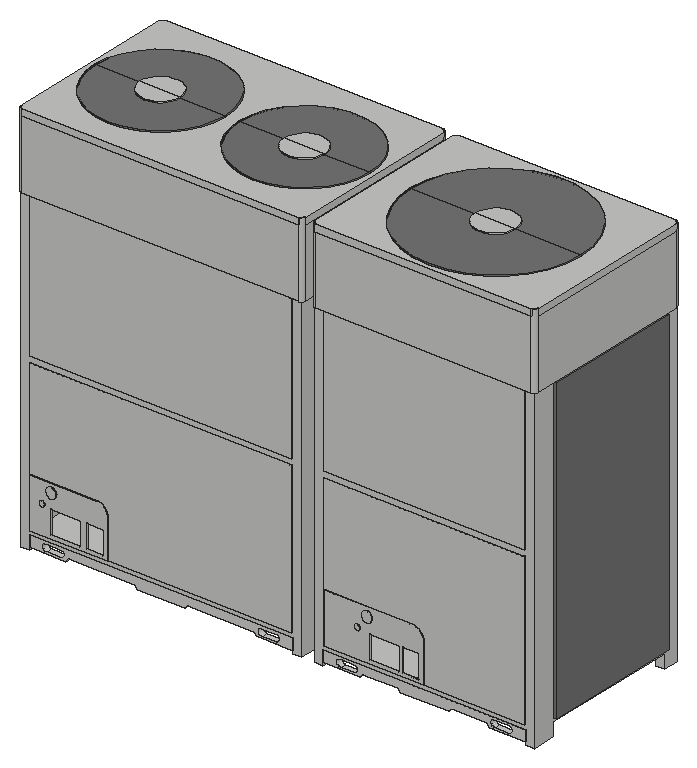
Revit family "Heat_Pump-Split_System-Outdoor-JCI-Twin_Unit-18-30 _ton-Heat_Recovery", category Mechanical Equipment, Revit 2014
Parameters (values of type "208v - 18 ton Cooling Capacity")
  Width = 30 1/2"
  Voltage = 208 V
  Visibility 2 = Total Cooling Capacity > 46356.7 VA  # no
  Visibility 1 = Total Cooling Capacity > 21101.1 VA  # no
  Unit Separation [instance] = 13/16"
  URL = "www.johnsoncontrols.com"
  Type Comments = "208v - 18 ton Cooling Capacity"
  Total Heating Capacity = 96000.0 Btu/h
  Total Cooling Capacity = 72000.0 Btu/h
  Shroud Radius = Shroud Diameter / 2  # 14 3/8"
  Shroud Diameter = if(and(Total Cooling Capacity < 48356.7 VA, Total Cooling Capacity > 21101.1 VA), 22", 28 3/4")  # 28 3/4"
  Refrigerant Used = "R410A"
  Product Page URL = ""
  Product Name = "(H,Y)VAHR216B32S"
  Product Documentation Link = ""
  Power Factor = 0.8
  Pipe Material = Metal - JCI - Brass SU
  Phase = 3
  Panel 2 Width = 15 9/32"  # constant formula
  Operating Weight = 516.00 lbf
  Offset = 0"
  Number of Poles = 2
  Model = Product Name  # "(H,Y)VAHR216B32S"
  Main Unit Model = "(H,Y)VAHR144B32S"
  Main Maximum Overcurrent Protection = 40 A
  Main Minimum Circuit Current = 29 A
  Manufacturer = "Johnson Controls Incorporated"
  Load Classification = HVAC
  Length 9 [instance] = if(Clearance Zones, Clearance Top, 0")  # 0"
  Length 8 [instance] = if(Clearance Zones, Clearance Back, 0")  # 0"
  Length 7 [instance] = if(Clearance Zones, Clearance Front, 0")  # 0"
  Length 6 [instance] = if(Clearance Zones, Clearance Right, 0")  # 0"
  Length 5 [instance] = if(Clearance Zones, Clearance Left, 0")  # 0"
  Length 4 = Height - 1"  # 65 1/4"
  Length 3 = 5/32"
  Length 2 = 0.063"
  Length 1 = 11/16"
  Length [instance] = Main Unit Length + Unit Separation + Sub Unit Length  # 87 13/16"
  Main Unit KO Power X Offset 3 = 10 15/16"
  Main Unit KO Power X Offset 2 = 8 3/8"
  Main Unit KO Power X Offset 1 = 5 3/16"
  Main Unit KO Controls X Offset = 3 5/8"
  KO Controls Radius = KO Controls Diameter / 2  # 7/16"
  KO Controls Diameter = 7/8"
  Main Unit KO Power X Offset Label [instance] = if(Main Unit Knockout Power 1, Main Unit KO Power X Offset 1, if(Main Unit Knockout Power 2, Main Unit KO Power X Offset 2, if(Main Unit Knockout Power 3, Main Unit KO Power X Offset 3, 0")))  # 5 3/16"
  Main Unit KO Power Radius [instance] = Main Unit KO Power Diameter / 2  # 7/8"
  Main Unit KO Power Diameter [instance] = if(Main Unit Knockout Power 1, 1 3/4", if(Main Unit Knockout Power 2, 1 3/8", 7/8"))  # 1 3/4"
  Main Unit Length = 48 5/8"
  Main Unit = Heat_Pump-Split_System-Outdoor-JCI-Single_Unit-6-16 _ton-Heat_Recovery to be nested : 12 ton Cooling Capacity
  Main Unit Knockout Power 3 [instance] = no
  Main Unit Knockout Power 2 [instance] = no
  Main Unit Knockout Power 1 [instance] = yes
  Length 11 [instance] = if(Main Unit Knockout Bottom, 9 13/16", 9 15/16")  # 9 15/16"
  Main Unit Knockout Front [instance] = yes
  Main Unit Knockout Bottom [instance] = not(Main Unit Knockout Front)  # no
  Height = 66 1/4"
  Grille Material = Metal - JCI - Grille Square SU
  Frequency = 60 Hz
  Sub Unit Model = "(H,Y)VAHR072B32S"
  Sub Unit KO Controls X Offset = 7 5/16"
  Sub Unit DX Suction Gas Radius = Sub Unit DX Suction Gas Diameter / 2  # 3/8"
  Sub Unit Length = 38 3/8"
  Sub Unit Knockout Power 3 [instance] = no
  Sub Unit Knockout Power 2 [instance] = no
  Sub Unit Knockout Power 1 [instance] = yes
  Sub Unit Knockout Front [instance] = yes
  Sub Unit Knockout Bottom [instance] = not(Sub Unit Knockout Front)  # no
  Sub Unit KO Power X Offset Label [instance] = if(Sub Unit Knockout Power 1, Sub Unit KO Power X Offset 1, if(Sub Unit Knockout Power 2, Sub Unit KO Power X Offset 2, if(Sub Unit Knockout Power 3, Sub Unit KO Power X Offset 3, 0")))  # 8 7/8"
  Sub Unit KO Power X Offset 3 = 14 9/16"
  Sub Unit KO Power X Offset 2 = 12"
  Sub Unit KO Power X Offset 1 = 8 7/8"
  Sub Unit KO Power Radius [instance] = Sub Unit KO Power Diameter / 2  # 7/8"
  Sub Unit KO Power Diameter [instance] = if(Sub Unit Knockout Power 1, 1 3/4", if(Sub Unit Knockout Power 2, 1 3/8", 7/8"))  # 1 3/4"
  Sub Unit DX Suction Gas X Offset = 13 1/16"
  Sub Unit DX Suction Gas Diameter = 3/4"
  Sub Unit DX Liquid X Offset = 10 3/8"
  Sub Unit DX Liquid Radius = Sub Unit DX Liquid Diameter / 2  # 1/4"
  Sub Unit DX Liquid Diameter = 1/2"
  Sub Unit DX Discharge Gas Radius = Sub Unit DX Discharge Gas Diameter / 2  # 7/16"
  Sub Unit DX Discharge Gas Diameter = 7/8"
  Sub Unit DX Discharge Gas X Offset = 16 5/16"
  Sub Unit = Heat_Pump-Split_System-Outdoor-JCI-Single_Unit-6-16 _ton-Heat_Recovery to be nested : 6 ton Cooling Capacity
  Sub Minimum Circuit Current = 29 A
  Sub Maximum Overcurrent Protection = 40 A
  Description = "Outdoor Unit Variable Refrigerant Flow with Heat Recovery"
  Main Unit DX Suction Gas X Offset = 13 1/16"
  Main Unit DX Suction Gas Radius = Main Unit DX Suction Gas Diameter / 2  # 3/8"
  Main Unit DX Suction Gas Diameter = 3/4"
  DX Liquid Z Offset = 10 11/32"
  DX Liquid Y Offset = 5 3/16"
  Main Unit DX Liquid X Offset = 7 3/8"
  Main Unit DX Liquid Radius = Main Unit DX Liquid Diameter / 2  # 1/4"
  Main Unit DX Liquid Diameter = 1/2"
  DX Gas Z Offset = 6 25/32"
  DX Gas Y Offset = 5 31/32"
  Main Unit DX Discharge Gas X Offset = 16 5/16"
  Main Unit DX Discharge Gas Radius = Main Unit DX Discharge Gas Diameter / 2  # 7/16"
  Main Unit DX Discharge Gas Diameter = 7/8"
  Copyright © = "Copyright © 2001-2017 Johnson Controls"  # constant formula
  Clearance Zones [instance] = no
  Clearance Top = 59 1/2"
  Clearance Right = 7 7/8"
  Clearance Material = Clearance Zones
  Clearance Left = 7 7/8"
  Clearance Front = 19 11/16"
  Clearance Back = 11 13/16"
  Body Material = Paint - JCI - Silky Shade SU
  Body Inset = 5/16"
  Base Material = Metal - JCI - Base Steel SU
  Assembly Code = "D3030200"
  Apparent Load 2 = Voltage * Sub Minimum Circuit Current / Power Factor  # 7540 VA
  Apparent Load 1 = Voltage * Main Minimum Circuit Current / Power Factor  # 7540 VA
Reference planes (in)
  plane 1 "Center (Front/Back)": y = 0
  plane 2: z = 0
  plane 3 "Center (Left/Right)": x = 0
  plane 4 "Left": x = -43.90625
  plane 5 "Right": x = 43.90625
  plane 6 "Back": y = 15.25
  plane 7 "Front": y = -15.25
  plane 8 "lid left": x = -43.59375
  plane 9 "Bottom": z = 0
  plane 10 "Top": z = 66.25
  plane 11 "body 1 left": x = -43.28125
  plane 12 "panel front": y = -15.0005
  plane 13 "fan top": z = 66.5
  plane 14 "clearance back": y = 15.25
  plane 15 "clearance front": y = -15.25
  plane 16 "clearance left": x = -43.90625
  plane 17 "clearance right": x = 43.90625
  plane 18 "clearance top": z = 66.25
  plane 19: y = 0.05208
  plane 20 "dx liquid x cl": x = -35.90625
  plane 21 "dx gas suction x cl": x = -30.21875
  plane 22 "dx gas discharge x cl": x = -26.96875
  plane 23 "dx liquid y cl": y = -10.0625
  plane 24 "dx gas y cl": y = -9.28125
  plane 25 "dx gas z bottom": z = 6.78125
  plane 26 "dx liquid z bottom": z = 10.34375
  plane 27 "front dummy": y = -15.25
  plane 28 "header right": x = 4.71875
  plane 29 "follower left": x = 5.53125
  plane 30 "lid 2 left": x = 5.84375
  plane 31 "body 2 left": x = 6.15625
  plane 32: x = 16.53125
  plane 33: x = 19.21875
  plane 34: x = 22.46875
Forms (in)
  Extrusion 1, solid, material "Clearance Zones" <- "Clearance Material", visible <- "Clearance Zones"
    sketch origin (0, 0, 0) x (-1, 0, 0) y (0, -1, 0)
      loop
        line (43.90625, -15.25) -> (43.90625, 15.25) -> (-43.90625, 15.25) -> (-43.90625, -15.25) -> (43.90625, -15.25)
    from 0 to 66.25
  Extrusion 2, solid, material "Metal - JCI - Brass SU" <- "Pipe Material", detail levels medium+fine
    sketch origin (-60.79778, -180, 6.78125) x (-1, 0, 0) y (0, -1, 0)
      loop
        circle (-30.57903, -170.71875) r 0.375
      loop
        circle (-33.82903, -170.71875) r 0.4375
      loop
        circle (-80.01653, -170.71875) r 0.375
      loop
        circle (-83.26653, -170.71875) r 0.4375
    from 0 to 4.71625
  Extrusion 3, solid, material "Metal - JCI - Brass SU" <- "Pipe Material", detail levels medium+fine
    sketch origin (-60.79778, -180, 10.34375) x (-1, 0, 0) y (0, -1, 0)
      loop
        circle (-24.89153, -169.9375) r 0.25
      loop
        circle (-77.32903, -169.9375) r 0.25
    from 1.15375 to 0
  Extrusion 4, solid, material "Paint - JCI - Silky Shade SU" <- "Body Material", detail levels medium+fine
    sketch origin (-38.06929, -15.0005, 48) x (-1, 0, 0) y (0, 0, 1)
      loop
        circle (1.58696, -40.1875) r 0.4375
      loop
        circle (0.02446, -38.0625) r 0.875
      loop
        circle (-51.53804, -40.1875) r 0.4375
      loop
        circle (-53.10054, -38.0625) r 0.875
    from 0 to 1
Lines and regions (in)
  Masking region 1, detail levels coarse
    outline origin (0, 0, 0) x (1, 0, 0) y (0, 0, 1)
      loop
        line (-43.90625, 66.5) -> (-43.90625, 0) -> (43.90625, 0) -> (43.90625, 66.5) -> (-43.90625, 66.5)
  symbolic lines, style "Clearance Zones", visible <- "Clearance Zones"
    curve 1: line (-43.90625, 15.25, 53.62) -> (43.90625, 15.25, 53.62)
    curve 2: line (-43.90625, -15.25, 53.62) -> (-43.90625, 15.25, 53.62)
    curve 3: line (43.90625, -15.25, 53.62) -> (-43.90625, -15.25, 53.62)
    curve 4: line (43.90625, 15.25, 53.62) -> (43.90625, -15.25, 53.62)
    curve 5: line (-43.90625, 0, 66.25) -> (43.90625, 0, 66.25)
    curve 6: line (-43.90625, 0, 0) -> (-43.90625, 0, 66.25)
    curve 7: line (43.90625, 0, 0) -> (-43.90625, 0, 0)
    curve 8: line (43.90625, 0, 66.25) -> (43.90625, 0, 0)
    curve 9: line (0, 15.25, 0) -> (0, 15.25, 66.25)
    curve 10: line (0, -15.25, 0) -> (0, 15.25, 0)
    curve 11: line (0, -15.25, 66.25) -> (0, -15.25, 0)
Dimensions and locks (in)
  equal spacing: plane 4 "Left", plane 3 "Center (Left/Right)", plane 5 "Right"
  "Length": plane 4 "Left" to plane 5 "Right"
  equal spacing: plane 6 "Back", plane 1 "Center (Front/Back)", plane 7 "Front"
  "Width": plane 6 "Back" to plane 7 "Front"
  locked: plane 4 "Left" to plane 8 "lid left" at 0.3125
  "Height": plane 10 "Top" to plane 9 "Bottom"
  "Offset": plane 9 "Bottom" to level
  "Body Inset": plane 8 "lid left" to plane 11 "body 1 left"
  locked: plane 13 "fan top" to plane 10 "Top" at 0.25
  "Length 5": plane 16 "clearance left" to plane 4 "Left"
  "Length 6": plane 5 "Right" to plane 17 "clearance right"
  "Length 8": plane 14 "clearance back" to plane 6 "Back"
  "Length 7": plane 27 "front dummy" to plane 15 "clearance front"
  "Length 9": plane 18 "clearance top" to plane 10 "Top"
  "Main Unit DX Liquid X Offset": plane 11 "body 1 left" to plane 20 "dx liquid x cl"
  "Main Unit DX Suction Gas X Offset": plane 11 "body 1 left" to plane 21 "dx gas suction x cl"
  "Main Unit DX Discharge Gas X Offset": plane 11 "body 1 left" to plane 22 "dx gas discharge x cl"
  "DX Liquid Y Offset": plane 23 "dx liquid y cl" to plane 7 "Front"
  "DX Gas Y Offset": plane 24 "dx gas y cl" to plane 7 "Front"
  "DX Gas Z Offset": plane 25 "dx gas z bottom" to plane 9 "Bottom"
  "DX Liquid Z Offset": plane 26 "dx liquid z bottom" to plane 9 "Bottom"
  "Main Unit KO Controls X Offset": Extrusion 4 sketch curve to plane 11 "body 1 left"
  locked: Extrusion 4 sketch curve to plane 9 "Bottom" at 7.8125  (x2)
  locked: Extrusion 4 sketch curve to plane 9 "Bottom" at 9.9375  (x2)
  "Main Unit KO Power X Offset Label": Extrusion 4 sketch curve to plane 11 "body 1 left"
  "Main Unit Length": plane 4 "Left" to plane 28 "header right"
  "Unit Separation": plane 28 "header right" to plane 29 "follower left"
  "Body Inset": plane 30 "lid 2 left" to plane 31 "body 2 left"
  locked: plane 29 "follower left" to plane 30 "lid 2 left" at 0.3125
  "Sub Unit DX Liquid X Offset": plane 31 "body 2 left" to plane 32
  "Sub Unit DX Suction Gas X Offset": plane 31 "body 2 left" to plane 33
  "Sub Unit DX Discharge Gas X Offset": plane 31 "body 2 left" to plane 34
  "Sub Unit KO Power X Offset Label": Extrusion 4 sketch curve to plane 31 "body 2 left"
  "Sub Unit KO Controls X Offset": Extrusion 4 sketch curve to plane 31 "body 2 left"
  "Main Unit DX Discharge Gas Radius": radius of Extrusion 2 sketch curve
  "Main Unit DX Suction Gas Radius": radius of Extrusion 2 sketch curve
  "Main Unit DX Liquid Radius": radius of Extrusion 3 sketch curve
  "KO Controls Radius": radius of Extrusion 4 sketch curve  (x2)
  "Main Unit KO Power Radius": radius of Extrusion 4 sketch curve
  "Sub Unit DX Discharge Gas Radius": radius of Extrusion 2 sketch curve
  "Sub Unit DX Suction Gas Radius": radius of Extrusion 2 sketch curve
  "Sub Unit DX Liquid Radius": radius of Extrusion 3 sketch curve
  "Sub Unit KO Power Radius": radius of Extrusion 4 sketch curve
  aligned and locked: level to plane 2
  aligned and locked: Extrusion 1 sketch curve to plane 14 "clearance back"
  aligned and locked: plane 16 "clearance left" to Extrusion 1 sketch curve
  aligned and locked: plane 15 "clearance front" to Extrusion 1 sketch curve
  aligned and locked: Extrusion 1 sketch curve to plane 17 "clearance right"
  aligned and locked: curve 4 to plane 17 "clearance right"
  aligned and locked: plane 16 "clearance left" to curve 2
  aligned and locked: plane 15 "clearance front" to curve 3
  aligned and locked: curve 1 to plane 14 "clearance back"
  aligned and locked: plane 18 "clearance top" to Extrusion 1
  aligned and locked: Extrusion 1 to plane 9 "Bottom"
  aligned and locked: plane 16 "clearance left" to curve 6
  aligned and locked: curve 8 to plane 17 "clearance right"
  aligned and locked: curve 5 to plane 18 "clearance top"
  aligned and locked: plane 9 "Bottom" to curve 7
  aligned and locked: curve 9 to plane 14 "clearance back"
  aligned and locked: plane 15 "clearance front" to curve 11
  aligned and locked: plane 9 "Bottom" to curve 10
  aligned and locked: Masking region 1 sketch curve to plane 13 "fan top"
  aligned and locked: plane 4 "Left" to Masking region 1 sketch curve
  aligned and locked: Masking region 1 sketch curve to plane 5 "Right"
  aligned and locked: plane 9 "Bottom" to Masking region 1 sketch curve
  aligned and locked: Extrusion 2 sketch curve to plane 24 "dx gas y cl"  (x4)
  aligned and locked: plane 21 "dx gas suction x cl" to Extrusion 2 sketch curve
  aligned and locked: plane 22 "dx gas discharge x cl" to Extrusion 2 sketch curve
  aligned and locked: Extrusion 2 to plane 25 "dx gas z bottom"
  aligned and locked: Extrusion 3 sketch curve to plane 23 "dx liquid y cl"  (x2)
  aligned and locked: plane 20 "dx liquid x cl" to Extrusion 3 sketch curve
  aligned and locked: Extrusion 3 to plane 26 "dx liquid z bottom"
  aligned and locked: plane 27 "front dummy" to plane 7 "Front"
  aligned and locked: plane 1 "Center (Front/Back)" to nested 1
  aligned and locked: plane 4 "Left" to nested 1
  aligned and locked: nested 2 to plane 29 "follower left"
  aligned and locked: plane 1 "Center (Front/Back)" to nested 2
  aligned and locked: plane 34 to Extrusion 2 sketch curve
  aligned and locked: plane 33 to Extrusion 2 sketch curve
  aligned and locked: plane 32 to Extrusion 3 sketch curve
  aligned and locked: plane 25 "dx gas z bottom" to Extrusion 2
Automatic sketch dimensions
  curve 11 to plane 10 "Top" = 0"
  curve 9 to plane 10 "Top" = 0"
Nested families (in)
  nested 1: "Heat_Pump-Split_System-Outdoor-JCI-Single_Unit-6-16 _ton-Heat_Recovery to be nested" at (-19.59375, 0, 0), type <- "Main Unit", Knockout Power 3 <- "Main Unit Knockout Power 3", Knockout Power 2 <- "Main Unit Knockout Power 2", Knockout Power 1 <- "Main Unit Knockout Power 1", Knockout Front <- "Main Unit Knockout Front", type "12 ton Cooling Capacity"
    with Length 14 14 3/4", Length 13 3", Length 12 1/4", Length 11 9 15/16", Length 10 1 31/32", Knockout Power 3 no, Knockout Power 2 no, Knockout Power 1 yes, Knockout Front yes, Knockout Bottom no, KO Z Offset 5 9/16", KO Y Offset 0", KO Power X Offset 5 3/16", KO Power Radius 7/8", KO Power Diameter 1 3/4", KO Height 3 15/16", Fan 2 X Offset 12 5/32", Fan 1 X Offset 12 5/32", Clearance Zones yes, Angle 2 90.00°, Angle 1 90.00°, Visibility 1 yes, Total Cooling Capacity 144000.0 Btu/h, Shroud Radius 11", Shroud Diameter 22", Operating Weight 723.00 lbf, Length 48 5/8", KO Power X Offset 3 10 15/16", KO Power X Offset 2 8 3/8", KO Power X Offset 1 5 3/16", KO Controls X Offset 3 5/8", KO 2 X Offset 11 1/4", KO 1 X Offset 5 3/16"
  nested 2: "Heat_Pump-Split_System-Outdoor-JCI-Single_Unit-6-16 _ton-Heat_Recovery to be nested" at (24.71875, 0, 0), type <- "Sub Unit", Knockout Power 3 <- "Sub Unit Knockout Power 3", Knockout Power 2 <- "Sub Unit Knockout Power 2", Knockout Power 1 <- "Sub Unit Knockout Power 1", Knockout Front <- "Sub Unit Knockout Front", type "6 ton Cooling Capacity"
    with Length 14 18 7/16", Length 13 3", Length 12 1/4", Length 11 9 15/16", Length 10 1 31/32", Knockout Power 3 no, Knockout Power 2 no, Knockout Power 1 yes, Knockout Front yes, Knockout Bottom no, KO Z Offset 5 9/16", KO Y Offset 0", KO Power X Offset 8 7/8", KO Power Radius 7/8", KO Power Diameter 1 3/4", KO Height 3 15/16", Fan 2 X Offset 38 3/8", Fan 1 X Offset 0", Clearance Zones no, Angle 2 90.00°, Angle 1 90.00°
Connectors (in)
  piping at (-35.90625, -10.0625, 10.34375), diameter 0.5, driven by "Main Unit DX Liquid Diameter"
    settings: on Extrusion 3, index 1, connector inside diameter 24", connector length 0", flow factor 0, pipe flow 0 GPM, pressure drop 0.00 psi, fitting loss kfactor 0, connector angle 0.00°, fixture units 0, engagement length 0", angle of deflection 0.00°, flow configuration 0, flow direction 0, fitting loss method 0, system type 22, joint type 0, gender type 0, connector reference index -1, connector utility 0, adjustable connector no, is connector primary yes, connector description "Main Unit Refrigerant Liquid"
  piping at (-30.21875, -9.28125, 6.78125), diameter 0.75, driven by "Main Unit DX Suction Gas Diameter"
    settings: on Extrusion 2, index 2, connector inside diameter 24", connector length 0", flow factor 0, pipe flow 0 GPM, pressure drop 0.00 psi, fitting loss kfactor 0, connector angle 0.00°, fixture units 0, engagement length 0", angle of deflection 0.00°, flow configuration 0, flow direction 0, fitting loss method 0, system type 22, joint type 0, gender type 0, connector reference index -1, connector utility 0, adjustable connector no, is connector primary no, connector description "Main Unit Refrigerant Gas Suction"
  electrical at (-39.65625, -15.0005, 7.8125)
    settings: on Extrusion 4, index 6, voltage 0 V, apparent load 0 VA, apparent load phase1 0 VA, apparent load phase2 0 VA, apparent load phase3 0 VA, power factor 1, load classification "Other", number of poles 1, system type 13, power factor state 1, is connector primary yes, connector utility no, sub classification motor no, connector description "Main Unit Controls"
  cabletrayconduit at (-39.65625, -15.0005, 7.8125), diameter 0.875, driven by "KO Controls Diameter"
    settings: on Extrusion 4, index 7, connector width 12", connector height 12", connector angle 0.00°, system type 32, placement type 0, profile type 0, connector reference index -1, is primary connector yes, connector utility param no, connector description "Main Unit Controls Conduit"
  electrical at (-38.09375, -15.0005, 9.9375), driven by "Number of Poles", driven by "Load Classification", driven by "Voltage", driven by "Apparent Load 1", driven by "Power Factor"
    settings: on Extrusion 4, index 8, voltage 208 V, apparent load 7540 VA, apparent load phase1 0 VA, apparent load phase2 0 VA, apparent load phase3 0 VA, power factor 0.8, load classification "HVAC", number of poles 2, system type 30, power factor state 1, is connector primary no, connector utility no, sub classification motor no, connector description "Main Unit Power"
  cabletrayconduit at (-38.09375, -15.0005, 9.9375), diameter 1.75, driven by "Main Unit KO Power Diameter"
    settings: on Extrusion 4, index 9, connector width 12", connector height 12", connector angle 0.00°, system type 32, placement type 0, profile type 0, connector reference index -1, is primary connector no, connector utility param no, connector description "Main Unit Power Conduit"
  piping at (-26.96875, -9.28125, 6.78125), diameter 0.875, driven by "Main Unit DX Discharge Gas Diameter"
    settings: on Extrusion 2, index 10, connector inside diameter 24", connector length 0", flow factor 0, pipe flow 0 GPM, pressure drop 0.00 psi, fitting loss kfactor 0, connector angle 0.00°, fixture units 0, engagement length 0", angle of deflection 0.00°, flow configuration 0, flow direction 0, fitting loss method 0, system type 22, joint type 0, gender type 0, connector reference index -1, connector utility 0, adjustable connector no, is connector primary no, connector description "Main Unit Refrigerant Gas Discharge"
  electrical at (13.46875, -15.0005, 7.8125)
    settings: on Extrusion 4, index 11, voltage 0 V, apparent load 0 VA, apparent load phase1 0 VA, apparent load phase2 0 VA, apparent load phase3 0 VA, power factor 1, load classification "Other", number of poles 1, system type 13, power factor state 1, is connector primary no, connector utility no, sub classification motor no, connector description "Sub Unit Controls"
  electrical at (15.03125, -15.0005, 9.9375), driven by "Number of Poles", driven by "Load Classification", driven by "Voltage", driven by "Power Factor", driven by "Apparent Load 2"
    settings: on Extrusion 4, index 12, voltage 208 V, apparent load 7540 VA, apparent load phase1 0 VA, apparent load phase2 0 VA, apparent load phase3 0 VA, power factor 0.8, load classification "HVAC", number of poles 2, system type 30, power factor state 1, is connector primary no, connector utility no, sub classification motor no, connector description "Sub Unit Power"
  cabletrayconduit at (13.46875, -15.0005, 7.8125), diameter 0.875, driven by "KO Controls Diameter"
    settings: on Extrusion 4, index 13, connector width 12", connector height 12", connector angle 0.00°, system type 32, placement type 0, profile type 0, connector reference index -1, is primary connector no, connector utility param no, connector description "Sub Unit Controls Conduit"
  cabletrayconduit at (15.03125, -15.0005, 9.9375), diameter 1.75, driven by "Sub Unit KO Power Diameter"
    settings: on Extrusion 4, index 14, connector width 12", connector height 12", connector angle 0.00°, system type 32, placement type 0, profile type 0, connector reference index -1, is primary connector no, connector utility param no, connector description "Sub Unit Power Conduit"
  piping at (16.53125, -10.0625, 10.34375), diameter 0.5, driven by "Sub Unit DX Liquid Diameter"
    settings: on Extrusion 3, index 15, connector inside diameter 24", connector length 0", flow factor 0, pipe flow 0 GPM, pressure drop 0.00 psi, fitting loss kfactor 0, connector angle 0.00°, fixture units 0, engagement length 0", angle of deflection 0.00°, flow configuration 0, flow direction 0, fitting loss method 0, system type 22, joint type 0, gender type 0, connector reference index -1, connector utility 0, adjustable connector no, is connector primary no, connector description "Sub Unit Refrigerant Liquid"
  piping at (19.21875, -9.28125, 6.78125), diameter 0.75, driven by "Sub Unit DX Suction Gas Diameter"
    settings: on Extrusion 2, index 16, connector inside diameter 24", connector length 0", flow factor 0, pipe flow 0 GPM, pressure drop 0.00 psi, fitting loss kfactor 0, connector angle 0.00°, fixture units 0, engagement length 0", angle of deflection 0.00°, flow configuration 0, flow direction 0, fitting loss method 0, system type 22, joint type 0, gender type 0, connector reference index -1, connector utility 0, adjustable connector no, is connector primary no, connector description "Sub Unit Refrigerant Gas Suction"
  piping at (22.46875, -9.28125, 6.78125), diameter 0.875, driven by "Sub Unit DX Discharge Gas Diameter"
    settings: on Extrusion 2, index 17, connector inside diameter 24", connector length 0", flow factor 0, pipe flow 0 GPM, pressure drop 0.00 psi, fitting loss kfactor 0, connector angle 0.00°, fixture units 0, engagement length 0", angle of deflection 0.00°, flow configuration 0, flow direction 0, fitting loss method 0, system type 22, joint type 0, gender type 0, connector reference index -1, connector utility 0, adjustable connector no, is connector primary no, connector description "Sub Unit Refrigerant Gas Discharge"
Definition of nested family "Heat_Pump-Split_System-Outdoor-JCI-Single_Unit-6-16 _ton-Heat_Recovery to be nested"
  Parameters (values of type "6 ton Cooling Capacity")
    Width = 30 1/2"
    Voltage = 208 V
    Visibility 2 = Total Cooling Capacity > 48356.7 VA  # no
    Visibility 1 = Total Cooling Capacity > 21101.1 VA  # no
    Type Comments = "208v - 6 ton Cooling Capacity"
    Total Cooling Capacity = 72000.0 Btu/h
    Shroud Radius = Shroud Diameter / 2  # 14 3/8"
    Shroud Diameter = if(and(Total Cooling Capacity < 48356.7 VA, Total Cooling Capacity > 21101.1 VA), 22", 28 3/4")  # 28 3/4"
    Refrigerant Used = "R410A"
    Product Page URL = ""
    Product Name = "(H,Y)VAHR072B32S"
    Product Documentation Link = ""
    Power Factor = 0.8
    Pipe Material = Metal - JCI - Brass SU
    Phase = 3
    Panel 2 Width = 15 9/32"  # constant formula
    Operating Weight = 516.00 lbf
    Offset = 0"
    Number of Poles = 2
    Model = Product Name  # "(H,Y)VAHR072B32S"
    Minimum Circuit Current = 29 A
    Maximum Overcurrent Protection = 40 A
    Manufacturer = "Johnson Controls Incorporated"
    Load Classification = HVAC
    Lid Height = 12.63"
    Length 4 = Height - 1"  # 65 1/4"
    Length 3 = 5/32"
    Length 2 = 0.063"
    Length 15 = if(Visibility 2, Panel 2 Width + Length 3, 0")  # 0"
    Length 14 [instance] = KO 2 X Offset + KO 2 Width + 3/4"  # 18 7/16"
    Length 13 [instance] = 3"
    Length 12 [instance] = 1/4"
    Length 10 [instance] = KO Height / 2  # 1 31/32"
    Length 1 = 11/16"
    Length = 38 3/8"
    Leg Width = 1 1/2"
    KO Power X Offset 3 = 14 9/16"
    KO Power X Offset 2 = 12"
    KO Power X Offset 1 = 8 7/8"
    KO Controls X Offset = 7 5/16"
    KO Controls Radius = KO Controls Diameter / 2  # 7/16"
    KO Controls Diameter = 7/8"
    KO Power X Offset [instance] = if(Knockout Power 1, KO Power X Offset 1, if(Knockout Power 2, KO Power X Offset 2, if(Knockout Power 3, KO Power X Offset 3, 0")))  # 8 7/8"
    KO Power Radius [instance] = KO Power Diameter / 2  # 7/8"
    KO Power Diameter [instance] = if(Knockout Power 1, 1 3/4", if(Knockout Power 2, 1 3/8", 7/8"))  # 1 3/4"
    Knockout Power 3 [instance] = no
    Knockout Power 2 [instance] = no
    Knockout Power 1 [instance] = yes
    Length 11 [instance] = if(Knockout Bottom, 9 13/16", 9 15/16")  # 9 15/16"
    KO 2 X Offset = 14 15/16"
    KO Z Offset [instance] = if(Knockout Bottom, Base Height, 5 9/16")  # 5 9/16"
    KO Y Offset [instance] = if(Knockout Bottom, 4 5/16" + Length 10, 0")  # 0"
    Knockout Front [instance] = yes
    Knockout Bottom [instance] = not(Knockout Front)  # no
    KO 2 Width = 2 3/4"
    KO 1 X Offset = 9 7/16"
    KO 1 Width = 5"
    KO Height [instance] = if(Knockout Bottom, 3 1/8", 3 15/16")  # 3 15/16"
    Height = 66 1/4"
    Grille Material = Metal - JCI - Grille Square SU
    Frequency = 60 Hz
    Fan 2 X Offset [instance] = if(Visibility 1, Length / 4, Length)  # 38 3/8"
    Fan 1 X Offset [instance] = if(Visibility 1, Length / 4, 0")  # 0"
    Description = "Outdoor Unit Variable Refrigernat Flow with Heat Recovery"
    Clearance Zones [instance] = yes
    Clearance Material = Clearance Zones
    Body Material = Paint - JCI - Silky Shade SU
    Body Inset = 5/16"
    Base Material = Metal - JCI - Base Steel SU
    Base Height = 2.31"
    Assembly Code = "D3030200"
    Apparent Load = Voltage * Minimum Circuit Current / Power Factor  # 7540 VA
    Angle 2 [instance] = if(Knockout Front, 90.00°, 180.00°)  # 90.00°
    Angle 1 [instance] = if(Knockout Front, 90.00°, 0.00°)  # 90.00°
  Reference planes (in)
    plane 1 "Center (Front/Back)": y = 0
    plane 2: z = 0
    plane 3 "Center (Left/Right)": x = 0
    plane 4 "Left": x = -19.1875
    plane 5 "Right": x = 19.1875
    plane 6 "Back": y = 15.25
    plane 7 "Front": y = -15.25
    plane 8 "lid left": x = -18.875
    plane 9 "lid right": x = 18.875
    plane 10 "Bottom": z = 0
    plane 11 "Top": z = 66.25
    plane 12 "base top": z = 2.31
    plane 13 "lid bottom": z = 53.62
    plane 14 "front leg inside": y = -11.09375
    plane 15 "back leg inside": y = 12.34375
    plane 16 "lid top": z = 66.187
    plane 17: z = 65.187
    plane 18 "body left": x = -18.5625
    plane 19 "body right": x = 18.5625
    plane 20 "body back": y = 14.9375
    plane 21 "body front": y = -14.9375
    plane 22 "left leg inside": x = -17.0625
    plane 23 "right leg inside": x = 17.0625
    plane 24 "panel bottom": z = 3.02875
    plane 25 "panel front": y = -15.0005
    plane 26: x = -2.375
    plane 27: x = 2.375
    plane 28: y = -6.09375
    plane 29 "fan 1 x cl": x = 0
    plane 30 "fan 2 x cl": x = 38.375
    plane 31 "fan top": z = 66.5
    plane 32 "detail panel right": x = -0.125
    plane 33 "detail panel top": z = 11.4975
    plane 34: z = 46.39268
    plane 35: z = 39.16536
    plane 36: z = 31.93804
    plane 37: z = 24.71071
    plane 38: z = 17.48339
    plane 39: z = 10.25607
    plane 40: x = 5.3125
    plane 41: x = 8.25
    plane 42: x = 11.1875
    plane 43: x = 14.125
    plane 44: x = -14.125
    plane 45: x = -11.1875
    plane 46: x = -8.25
    plane 47: x = -5.3125
    plane 48: y = 6.19792
    plane 49: y = 0.05208
    plane 50: y = -5.23438
    plane 51: y = 0.625
    plane 52: y = 6.48437
    plane 53 "ko mech y cl": y = -15.25
    plane 54 "ko z cl": z = 5.5625
    plane 55 "ko power y cl": y = -15
    plane 56 "dummy": z = 9.9375
    plane 57 "pane 2 left": x = 1.625
    plane 58: x = 16.90625
    plane 59 "front dummy": y = -15.25
  Forms (in)
    Extrusion 1, solid, material "Paint - JCI - Silky Shade SU" <- "Body Material", detail levels medium+fine
      sketch origin (0, 0, 0) x (1, 0, 0) y (0, 1, 0)
        loop
          arc (-18.1245, 15.187) -> (-18.61064, 14.98564) -> (-18.812, 14.4995) r 0.6875
          line (-18.812, 14.4995) -> (-18.812, -14.4995)
          arc (-18.812, -14.4995) -> (-18.61064, -14.98564) -> (-18.1245, -15.187) r 0.6875
          line (-18.1245, -15.187) -> (18.1245, -15.187)
          arc (18.1245, -15.187) -> (18.61064, -14.98564) -> (18.812, -14.4995) r 0.6875
          line (18.812, -14.4995) -> (18.812, 14.4995)
          arc (18.812, 14.4995) -> (18.61064, 14.98564) -> (18.1245, 15.187) r 0.6875
          line (18.1245, 15.187) -> (-18.1245, 15.187)
      from 53.62 to 66.187
    Extrusion 2, solid, material "Paint - JCI - Silky Shade SU" <- "Body Material", detail levels fine
      sketch origin (0, 0, 0) x (1, 0, 0) y (0, 1, 0)
        loop
          line (-18.875, -14.5625) -> (-18.74632, -14.5625)
          arc (-18.74632, -14.5625) -> (-18.56644, -14.94144) -> (-18.1875, -15.12132) r 0.625
          line (-18.1875, -15.12132) -> (-18.1875, -15.25) -> (18.1875, -15.25) -> (18.1875, -15.12132)
          arc (18.1875, -15.12132) -> (18.56644, -14.94144) -> (18.74632, -14.5625) r 0.625
          line (18.74632, -14.5625) -> (18.875, -14.5625) -> (18.875, 14.5625) -> (18.74632, 14.5625)
          arc (18.74632, 14.5625) -> (18.56644, 14.94144) -> (18.1875, 15.12132) r 0.625
          line (18.1875, 15.12132) -> (18.1875, 15.25) -> (-18.1875, 15.25) -> (-18.1875, 15.12132)
          arc (-18.1875, 15.12132) -> (-18.56644, 14.94144) -> (-18.74632, 14.5625) r 0.625
          line (-18.74632, 14.5625) -> (-18.875, 14.5625) -> (-18.875, -14.5625)
      from 66.25 to 65.187
    Extrusion 3, solid, material "Paint - JCI - Silky Shade SU" <- "Body Material", detail levels medium+fine
      sketch origin (0, 0, 0) x (0, 1, 0) y (0, 0, 1)
        loop
          line (-14.9375, 53.62) -> (-14.9375, 0) -> (-11.09375, 0) -> (-11.09375, 2.31) -> (12.34375, 2.31) -> (12.34375, 0) -> (14.9375, 0) -> (14.9375, 53.62) -> (-14.9375, 53.62)
      from -18.5625 to 18.5625
    Extrusion 4, void
      sketch origin (0, 0, 0) x (1, 0, 0) y (0, 1, 0)
        loop
          line (-17.0625, 15.25) -> (-17.0625, -15.25) -> (17.0625, -15.25) -> (17.0625, 15.25) -> (-17.0625, 15.25)
      from 0 to 2.31
    Extrusion 5, solid, material "Metal - JCI - Base Steel SU" <- "Base Material", detail levels fine
      sketch origin (0, -14.9375, 0) x (-1, 0, 0) y (0, 0, 1)
        loop
          line (17.0625, 2.31) -> (-17.0625, 2.31) -> (-17.0625, 0.46875) -> (-10.90625, 0.46875) -> (-10.40625, 0.96875) -> (-4.5, 0.96875) -> (-4, 0.46875) -> (4, 0.46875) -> (4.5, 0.96875) -> (10.40625, 0.96875) -> (10.90625, 0.46875) -> (17.0625, 0.46875) -> (17.0625, 2.31)
        loop
          line (14.1875, 1.95679) -> (11.8125, 1.95679)
          arc (11.8125, 1.95679) -> (11.1875, 1.33179) -> (11.8125, 0.70679) r 0.625
          line (11.8125, 0.70679) -> (14.1875, 0.70679)
          arc (14.1875, 0.70679) -> (14.8125, 1.33179) -> (14.1875, 1.95679) r 0.625
        loop
          arc (-14.1875, 1.95679) -> (-14.8125, 1.33179) -> (-14.1875, 0.70679) r 0.625
          line (-14.1875, 0.70679) -> (-11.8125, 0.70679)
          arc (-11.8125, 0.70679) -> (-11.1875, 1.33179) -> (-11.8125, 1.95679) r 0.625
          line (-11.8125, 1.95679) -> (-14.1875, 1.95679)
      from 0 to 1
    Extrusion 6, solid, material "Metal - JCI - Base Steel SU" <- "Base Material", detail levels fine
      sketch origin (0, 14.9375, 0) x (-1, 0, 0) y (0, 0, 1)
        loop
          line (10.40625, 0.96875) -> (10.90625, 0.46875) -> (17.0625, 0.46875) -> (17.0625, 2.31) -> (-17.0625, 2.31) -> (-17.0625, 0.46875) -> (-10.90625, 0.46875) -> (-10.40625, 0.96875) -> (-4.5, 0.96875) -> (-4, 0.46875) -> (4, 0.46875) -> (4.5, 0.96875) -> (10.40625, 0.96875)
        loop
          line (11.8125, 0.70679) -> (14.1875, 0.70679)
          arc (14.1875, 0.70679) -> (14.8125, 1.33179) -> (14.1875, 1.95679) r 0.625
          line (14.1875, 1.95679) -> (11.8125, 1.95679)
          arc (11.8125, 1.95679) -> (11.1875, 1.33179) -> (11.8125, 0.70679) r 0.625
        loop
          line (-11.8125, 1.95679) -> (-14.1875, 1.95679)
          arc (-14.1875, 1.95679) -> (-14.8125, 1.33179) -> (-14.1875, 0.70679) r 0.625
          line (-14.1875, 0.70679) -> (-11.8125, 0.70679)
          arc (-11.8125, 0.70679) -> (-11.1875, 1.33179) -> (-11.8125, 1.95679) r 0.625
      from 0 to -1
    Extrusion 7, solid, material "Paint - JCI - Silky Shade SU" <- "Body Material", detail levels fine
      sketch origin (0, -14.9375, 0) x (-1, 0, 0) y (0, 0, 1)
        loop
          line (16.90625, 53.62) -> (-16.90625, 53.62) -> (-16.90625, 29.40125) -> (16.90625, 29.40125) -> (16.90625, 53.62)
        loop
          line (16.90625, 28.37) -> (-16.90625, 28.37) -> (-16.90625, 3.02875) -> (0.0625, 3.02875) -> (0.0625, 9.4975)
          arc (0.0625, 9.4975) -> (0.66659, 10.95591) -> (2.125, 11.56) r 2.0625
          line (2.125, 11.56) -> (16.90625, 11.56) -> (16.90625, 28.37)
        loop
          line (16.90625, 3.02875) -> (16.90625, 11.4975) -> (2.125, 11.4975)
          arc (2.125, 11.4975) -> (0.71079, 10.91171) -> (0.125, 9.4975) r 2
          line (0.125, 9.4975) -> (0.125, 3.02875) -> (16.90625, 3.02875)
      from 0 to -0.063
    Extrusion 8, solid, material "Metal - JCI - Grille Square SU" <- "Grille Material", detail levels medium+fine
      sketch origin (0, 0, 0) x (1, 0, 0) y (0, 1, 0)
        loop
          line (-19.1875, 12.34375) -> (-19.1875, -6.09375) -> (-17.35479, -6.09375) -> (-17.35479, -5.09375) -> (0, -5.09375) -> (0, -11.09375) -> (19.1875, -11.09375) -> (19.1875, 12.34375) -> (17.0625, 12.34375) -> (17.0625, 15.25) -> (2.375, 15.25) -> (2.375, 12.34375) -> (-2.375, 12.34375) -> (-2.375, 15.25) -> (-17.0625, 15.25) -> (-17.0625, 12.34375) -> (-19.1875, 12.34375)
      from 3.02875 to 53.62
    Extrusion 9, void
      sketch origin (0, 0, 0) x (1, 0, 0) y (0, 1, 0)
        loop
          circle (0, 0) r 14.375
        loop
          circle (38.375, 0) r 14.375
      from 65.187 to 66.25
    Extrusion 10, solid, detail levels coarse
      sketch origin (0, 0, 0) x (1, 0, 0) y (0, 1, 0)
        loop
          line (-19.1875, 15.25) -> (-19.1875, -15.25) -> (19.1875, -15.25) -> (19.1875, 15.25) -> (-19.1875, 15.25)
      from 0 to 66.5
    Extrusion 11, void
      sketch origin (0, 15.25, 0) x (-1, 0, 0) y (0, 0, 1)
        loop
          line (16.90625, 11.4975) -> (0.125, 11.4975) -> (0.125, 3.02875) -> (16.90625, 3.02875) -> (16.90625, 11.4975)
      from -30.1875 to -21.34375
    Extrusion 12, void
      sketch origin (-18.5625, -15.25, 5.5625) x (0, 0, 1) y (1, 0, 0)
        loop
          line (1.96875, 9.4375) -> (1.96875, 14.4375) -> (-1.96875, 14.4375) -> (-1.96875, 9.4375) -> (1.96875, 9.4375)
        loop
          line (1.96875, 14.9375) -> (1.96875, 17.6875) -> (-1.96875, 17.6875) -> (-1.96875, 14.9375) -> (1.96875, 14.9375)
      from 9 to -1
    Extrusion 13, solid, material "Paint - JCI - Silky Shade SU" <- "Body Material", detail levels medium+fine
      sketch origin (-38.06929, -15.0005, 48) x (-1, 0, 0) y (0, 0, 1)
        loop
          circle (-26.81929, -40.1875) r 0.4375
        loop
          circle (-28.38179, -38.0625) r 0.875
      from 0 to 1
    Extrusion 14, solid, material "Paint - JCI - Silky Shade SU" <- "Body Material", visible <- "Visibility 2", detail levels medium+fine
      sketch origin (0, -14.9375, 0) x (-1, 0, 0) y (0, 0, 1)
        loop
          line (-1.625, 53.62) -> (-16.90625, 53.62) -> (-16.90625, 3.02875) -> (-1.625, 3.02875) -> (-1.625, 53.62)
      from 0 to -0.0625
  Cuts and joins
    Extrusion 4, Extrusion 11, Extrusion 12 cuts Extrusion 3
    Extrusion 9 cuts Extrusion 2
    Extrusion 9 cuts Extrusion 1
    Extrusion 12 cuts Extrusion 7
  Lines and regions (in)
    Masking region 1, detail levels coarse
      outline origin (0, 0, 53.62) x (-1, 0, 0) y (0, -1, 0)
        loop
          line (19.1875, -15.25) -> (19.1875, 15.25) -> (-19.1875, 15.25) -> (-19.1875, -15.25) -> (19.1875, -15.25)
    Masking region 2, detail levels medium+fine
      outline origin (0, 0, 53.62) x (-1, 0, 0) y (0, -1, 0)
        loop
          line (19.1875, 6.09375) -> (18.875, 6.09375) -> (18.875, 14.5625) -> (18.80911, 14.5625)
          arc (18.80911, 14.5625) -> (18.61064, 14.98564) -> (18.1875, 15.18411) r 0.6875
          line (18.1875, 15.18411) -> (18.1875, 15.25) -> (-18.1875, 15.25) -> (-18.1875, 15.18411)
          arc (-18.1875, 15.18411) -> (-18.61064, 14.98564) -> (-18.80911, 14.5625) r 0.6875
          line (-18.80911, 14.5625) -> (-18.875, 14.5625) -> (-18.875, 11.09375) -> (-19.1875, 11.09375) -> (-19.1875, -12.34375) -> (-18.875, -12.34375) -> (-18.875, -14.5625) -> (-18.80911, -14.5625)
          arc (-18.80911, -14.5625) -> (-18.61064, -14.98564) -> (-18.1875, -15.18411) r 0.6875
          line (-18.1875, -15.18411) -> (-18.1875, -15.25) -> (18.1875, -15.25) -> (18.1875, -15.18411)
          arc (18.1875, -15.18411) -> (18.61064, -14.98564) -> (18.80911, -14.5625) r 0.6875
          line (18.80911, -14.5625) -> (18.875, -14.5625) -> (18.875, -12.34375) -> (19.1875, -12.34375) -> (19.1875, 6.09375)
    Masking region 3, detail levels coarse
      outline origin (0, 0, 0) x (1, 0, 0) y (0, 0, 1)
        loop
          line (-19.1875, 66.5) -> (-19.1875, 0) -> (19.1875, 0) -> (19.1875, 66.5) -> (-19.1875, 66.5)
    Masking region 4, detail levels medium+fine
      outline origin (0, 0, 0) x (1, 0, 0) y (0, 0, 1)
        loop
          line (-18.812, 53.62) -> (-19.1875, 53.62) -> (-19.1875, 3.02875) -> (-18.5625, 3.02875) -> (-18.5625, 0) -> (-17.0625, 0) -> (-17.0625, 2.31) -> (17.0625, 2.31) -> (17.0625, 0) -> (18.5625, 0) -> (18.5625, 3.02875) -> (19.1875, 3.02875) -> (19.1875, 53.62) -> (18.812, 53.62) -> (18.812, 66.25) -> (-18.812, 66.25) -> (-18.812, 53.62)
    Masking region 5, detail levels fine
      outline origin (0, 0, 0) x (1, 0, 0) y (0, 0, 1)
        loop
          line (-18.875, 66.25) -> (-18.875, 65.187) -> (-18.74632, 65.187) -> (-18.74632, 66.187) -> (-18.1875, 66.187) -> (-18.1875, 65.187) -> (18.1875, 65.187) -> (18.1875, 66.187) -> (18.74632, 66.187) -> (18.74632, 65.187) -> (18.875, 65.187) -> (18.875, 66.25) -> (14.375, 66.25) -> (14.375, 66.5) -> (-14.375, 66.5) -> (-14.375, 66.25) -> (-18.875, 66.25)
        loop
          line (-10.40625, 0.96875) -> (-4.5, 0.96875) -> (-4, 0.46875) -> (4, 0.46875) -> (4.5, 0.96875) -> (10.40625, 0.96875) -> (10.90625, 0.46875) -> (17.0625, 0.46875) -> (17.0625, 2.31) -> (-17.0625, 2.31) -> (-17.0625, 0.46875) -> (-10.90625, 0.46875) -> (-10.40625, 0.96875)
        loop
          arc (-14.1875, 1.95679) -> (-14.8125, 1.33179) -> (-14.1875, 0.70679) r 0.625
          line (-14.1875, 0.70679) -> (-11.8125, 0.70679)
          arc (-11.8125, 0.70679) -> (-11.1875, 1.33179) -> (-11.8125, 1.95679) r 0.625
          line (-11.8125, 1.95679) -> (-14.1875, 1.95679)
        loop
          arc (11.8125, 1.95679) -> (11.1875, 1.33179) -> (11.8125, 0.70679) r 0.625
          line (11.8125, 0.70679) -> (14.1875, 0.70679)
          arc (14.1875, 0.70679) -> (14.8125, 1.33179) -> (14.1875, 1.95679) r 0.625
          line (14.1875, 1.95679) -> (11.8125, 1.95679)
    Masking region 6, detail levels coarse
      outline origin (0, 0, 0) x (0, 1, 0) y (0, 0, 1)
        loop
          line (15.25, 66.5) -> (-15.25, 66.5) -> (-15.25, 0) -> (15.25, 0) -> (15.25, 66.5)
    Masking region 7, detail levels medium+fine
      outline origin (0, 0, 0) x (0, 1, 0) y (0, 0, 1)
        loop
          line (15.187, 53.62) -> (15.187, 66.25) -> (-15.187, 66.25) -> (-15.187, 53.62) -> (-14.9375, 53.62) -> (-14.9375, 0) -> (-11.09375, 0) -> (-11.09375, 2.31) -> (12.34375, 2.31) -> (12.34375, 0) -> (14.9375, 0) -> (14.9375, 3.02875) -> (15.25, 3.02875) -> (15.25, 53.62) -> (15.187, 53.62)
    Masking region 8, detail levels fine
      outline origin (19.1875, 0, 0) x (0, 1, 0) y (0, 0, 1)
        loop
          line (-14.9375, 3.02875) -> (-14.9375, 53.62) -> (-15.0005, 53.62) -> (-15.0005, 3.02875) -> (-14.9375, 3.02875)
        loop
          line (-15.25, 66.25) -> (-15.25, 65.187) -> (-15.187, 65.187) -> (-15.187, 66.187) -> (-14.5625, 66.187) -> (-14.5625, 65.187) -> (14.5625, 65.187) -> (14.5625, 66.187) -> (15.187, 66.187) -> (15.187, 65.187) -> (15.25, 65.187) -> (15.25, 66.25) -> (14.375, 66.25) -> (14.375, 66.5) -> (-14.375, 66.5) -> (-14.375, 66.25) -> (-15.25, 66.25)
    Masking region 9, visible <- "Visibility 1", detail levels fine
      outline origin (0, -14.9375, 0) x (-1, 0, 0) y (0, 0, 1)
        loop
          line (-24, 66.5) -> (-52.75, 66.5) -> (-52.75, 66.25) -> (-24, 66.25) -> (-24, 66.5)
    symbolic lines, detail levels medium+fine
      curve 1: line (-18.875, 12.34375, 53.62) -> (-18.875, -6.09375, 53.62)
      curve 2: line (18.875, 12.34375, 53.62) -> (18.875, -11.09375, 53.62)
      curve 4: line (-18.5625, 0, 53.62) -> (-18.5625, 0, 3.02875)
      curve 5: line (-18.812, 0, 53.62) -> (18.812, 0, 53.62)
      curve 6: line (18.5625, 0, 53.62) -> (18.5625, 0, 3.02875)
      curve 27: line (-17.0625, 15.25, 3.02875) -> (-17.0625, 15.25, 53.62)
      curve 28: line (-2.375, 15.25, 3.02875) -> (-17.0625, 15.25, 3.02875)
      curve 29: line (-2.375, 15.25, 53.62) -> (-2.375, 15.25, 3.02875)
      curve 30: line (2.375, 15.25, 3.02875) -> (2.375, 15.25, 53.62)
      curve 31: line (17.0625, 15.25, 3.02875) -> (2.375, 15.25, 3.02875)
      curve 32: line (17.0625, 15.25, 53.62) -> (17.0625, 15.25, 3.02875)
      curve 33: line (2.375, 15.25, 46.39268) -> (17.0625, 15.25, 46.39268)
      curve 34: line (2.375, 15.25, 39.16536) -> (17.0625, 15.25, 39.16536)
      curve 35: line (2.375, 15.25, 31.93804) -> (17.0625, 15.25, 31.93804)
      curve 36: line (2.375, 15.25, 24.71071) -> (17.0625, 15.25, 24.71071)
      curve 37: line (2.375, 15.25, 17.48339) -> (17.0625, 15.25, 17.48339)
      curve 38: line (2.375, 15.25, 10.25607) -> (17.0625, 15.25, 10.25607)
      curve 39: line (5.3125, 15.25, 53.62) -> (5.3125, 15.25, 3.02875)
      curve 40: line (8.25, 15.25, 53.62) -> (8.25, 15.25, 3.02875)
      curve 41: line (11.1875, 15.25, 53.62) -> (11.1875, 15.25, 3.02875)
      curve 42: line (14.125, 15.25, 53.62) -> (14.125, 15.25, 3.02875)
      curve 43: line (-17.0625, 15.25, 46.39268) -> (-2.375, 15.25, 46.39268)
      curve 44: line (-17.0625, 15.25, 39.16536) -> (-2.375, 15.25, 39.16536)
      curve 45: line (-17.0625, 15.25, 31.93804) -> (-2.375, 15.25, 31.93804)
      curve 46: line (-2.375, 15.25, 24.71071) -> (-17.0625, 15.25, 24.71071)
      curve 47: line (-17.0625, 15.25, 17.48339) -> (-2.375, 15.25, 17.48339)
      curve 48: line (-17.0625, 15.25, 10.25607) -> (-2.375, 15.25, 10.25607)
      curve 49: line (-14.125, 15.25, 53.62) -> (-14.125, 15.25, 3.02875)
      curve 50: line (-11.1875, 15.25, 53.62) -> (-11.1875, 15.25, 3.02875)
      curve 51: line (-8.25, 15.25, 53.62) -> (-8.25, 15.25, 3.02875)
      curve 52: line (-5.3125, 15.25, 53.62) -> (-5.3125, 15.25, 3.02875)
      curve 53: line (0, 15.187, 53.62) -> (0, -15.187, 53.62)
      curve 54: line (0, 14.9375, 53.62) -> (0, 14.9375, 3.02875)
      curve 55: line (-19.1875, 12.34375, 3.02875) -> (-19.1875, 12.34375, 53.62)
      curve 56: line (-19.1875, -6.09375, 3.02875) -> (-19.1875, 12.34375, 3.02875)
      curve 57: line (-19.1875, -6.09375, 53.62) -> (-19.1875, -6.09375, 3.02875)
      curve 58: line (-19.1875, 6.19792, 53.62) -> (-19.1875, 6.19792, 3.02875)
      curve 59: line (-19.1875, 0.05208, 53.62) -> (-19.1875, 0.05208, 3.02875)
      curve 60: line (-19.1875, 12.34375, 46.39268) -> (-19.1875, -6.09375, 46.39268)
      curve 61: line (-19.1875, 12.34375, 39.16536) -> (-19.1875, -6.09375, 39.16536)
      curve 62: line (-19.1875, 12.34375, 31.93804) -> (-19.1875, -6.09375, 31.93804)
      curve 63: line (-19.1875, 12.34375, 24.71071) -> (-19.1875, -6.09375, 24.71071)
      curve 64: line (-19.1875, 12.34375, 17.48339) -> (-19.1875, -6.09375, 17.48339)
      curve 65: line (-19.1875, 12.34375, 10.25607) -> (-19.1875, -6.09375, 10.25607)
      curve 66: line (19.1875, -11.09375, 53.62) -> (19.1875, -11.09375, 3.02875)
      curve 67: line (19.1875, -11.09375, 3.02875) -> (19.1875, 12.34375, 3.02875)
      curve 68: line (19.1875, -11.09375, 10.25607) -> (19.1875, 12.34375, 10.25607)
      curve 69: line (19.1875, -11.09375, 17.48339) -> (19.1875, 12.34375, 17.48339)
      curve 70: line (19.1875, -11.09375, 24.71071) -> (19.1875, 12.34375, 24.71071)
      curve 71: line (19.1875, -11.09375, 31.93804) -> (19.1875, 12.34375, 31.93804)
      curve 72: line (19.1875, -11.09375, 39.16536) -> (19.1875, 12.34375, 39.16536)
      curve 73: line (19.1875, -11.09375, 46.39268) -> (19.1875, 12.34375, 46.39268)
      curve 74: line (19.1875, -5.23438, 53.62) -> (19.1875, -5.23438, 3.02875)
      curve 75: line (19.1875, 0.625, 53.62) -> (19.1875, 0.625, 3.02875)
      curve 76: line (19.1875, 6.48437, 53.62) -> (19.1875, 6.48437, 3.02875)
      curve 77: line (19.1875, -14.375, 66.25) -> (19.1875, 14.375, 66.25)
      curve 80: circle (-11.25, -14.9375, 7.8125) r 0.4375 normal (0, 1, 0)
      curve 89: circle (-9.6875, -14.9375, 9.9375) r 0.875 normal (0, 1, 0)
    symbolic lines, detail levels fine
      curve 3: line (-14.375, 0, 66.25) -> (14.375, 0, 66.25)
      curve 7: line (-16.90625, -15.25, 3.02875) -> (-0.125, -15.25, 3.02875)
      curve 8: line (-0.125, -15.25, 3.02875) -> (-0.125, -15.25, 9.4975)
      curve 9: arc (-0.125, -15.25, 9.4975) -> (-0.71079, -15.25, 10.91171) -> (-2.125, -15.25, 11.4975) r 2
      curve 10: line (-2.125, -15.25, 11.4975) -> (-16.90625, -15.25, 11.4975)
      curve 11: line (-16.90625, -15.25, 11.4975) -> (-16.90625, -15.25, 3.02875)
      curve 12: line (-0.0625, -15.25, 3.02875) -> (16.90625, -15.25, 3.02875)
      curve 13: line (16.90625, -15.25, 3.02875) -> (16.90625, -15.25, 28.37)
      curve 14: line (16.90625, -15.25, 28.37) -> (-16.90625, -15.25, 28.37)
      curve 15: line (-16.90625, -15.25, 28.37) -> (-16.90625, -15.25, 11.56)
      curve 16: line (-16.90625, -15.25, 11.56) -> (-2.125, -15.25, 11.56)
      curve 17: arc (-2.125, -15.25, 11.56) -> (-0.66659, -15.25, 10.95591) -> (-0.0625, -15.25, 9.4975) r 2.0625
      curve 18: line (-0.0625, -15.25, 9.4975) -> (-0.0625, -15.25, 3.02875)
      curve 19: line (-16.90625, -15.25, 29.40125) -> (16.90625, -15.25, 29.40125)
      curve 20: line (16.90625, -15.25, 29.40125) -> (16.90625, -15.25, 53.62)
      curve 21: line (16.90625, -15.25, 53.62) -> (-16.90625, -15.25, 53.62)
      curve 22: line (-16.90625, -15.25, 53.62) -> (-16.90625, -15.25, 29.40125)
      curve 23: line (16.90625, -15.25, 53.62) -> (1.625, -15.25, 53.62)
      curve 25: line (1.625, -15.25, 3.02875) -> (16.90625, -15.25, 3.02875)
    symbolic lines, visible <- "Visibility 2", detail levels fine
      curve 24: line (1.625, -15.25, 53.62) -> (1.625, -15.25, 3.02875)
      curve 26: line (16.90625, -15.25, 3.02875) -> (16.90625, -15.25, 53.62)
    reference lines, not visible
      curve 78: line (-18.5625, -15.25, 5.5625) -> (-18.5625, -15.25, 7.53125)
      curve 79: line (-18.5625, -15, 0) -> (-18.5625, -15, 9.9375)
    symbolic lines, visible <- "Knockout Front", detail levels medium+fine
      curve 81: line (-9.125, -14.9375, 7.53125) -> (-4.125, -14.9375, 7.53125)
      curve 82: line (-4.125, -14.9375, 7.53125) -> (-4.125, -14.9375, 3.59375)
      curve 83: line (-4.125, -14.9375, 3.59375) -> (-9.125, -14.9375, 3.59375)
      curve 84: line (-9.125, -14.9375, 3.59375) -> (-9.125, -14.9375, 7.53125)
      curve 85: line (-3.625, -14.9375, 7.53125) -> (-0.875, -14.9375, 7.53125)
      curve 86: line (-0.875, -14.9375, 7.53125) -> (-0.875, -14.9375, 3.59375)
      curve 87: line (-0.875, -14.9375, 3.59375) -> (-3.625, -14.9375, 3.59375)
      curve 88: line (-3.625, -14.9375, 3.59375) -> (-3.625, -14.9375, 7.53125)
  Dimensions and locks (in)
    equal spacing: plane 4 "Left", plane 3 "Center (Left/Right)", plane 5 "Right"
    "Length": plane 4 "Left" to plane 5 "Right"
    equal spacing: plane 6 "Back", plane 1 "Center (Front/Back)", plane 7 "Front"
    "Width": plane 6 "Back" to plane 7 "Front"
    locked: plane 4 "Left" to plane 8 "lid left" at 0.3125
    locked: plane 9 "lid right" to plane 5 "Right" at 0.3125
    "Height": plane 11 "Top" to plane 10 "Bottom"
    "Base Height": plane 12 "base top" to plane 10 "Bottom"
    "Offset": plane 10 "Bottom" to level
    "Lid Height": plane 11 "Top" to plane 13 "lid bottom"
    locked: plane 6 "Back" to plane 15 "back leg inside" at 2.90625
    locked: plane 14 "front leg inside" to plane 7 "Front" at 4.15625
    "Length 2": Extrusion 1 sketch curve to plane 6 "Back"
    "Length 2": Extrusion 1 sketch curve to plane 7 "Front"
    "Length 2": plane 8 "lid left" to Extrusion 1 sketch curve
    "Length 2": Extrusion 1 sketch curve to plane 9 "lid right"
    "Length 2": plane 11 "Top" to plane 16 "lid top"
    "Length 1": Extrusion 2 sketch curve to Extrusion 2 sketch curve  (x4)
    locked: plane 16 "lid top" to plane 17 at 1
    "Body Inset": plane 8 "lid left" to plane 18 "body left"
    "Body Inset": plane 19 "body right" to plane 9 "lid right"
    "Body Inset": plane 6 "Back" to plane 20 "body back"
    "Body Inset": plane 21 "body front" to plane 7 "Front"
    "Leg Width": plane 18 "body left" to plane 22 "left leg inside"
    "Leg Width": plane 23 "right leg inside" to plane 19 "body right"
    locked: Extrusion 5 sketch curve to plane 10 "Bottom" at 0.46875
    locked: Extrusion 5 sketch curve to Extrusion 5 sketch curve at 6.15625  (x2)
    locked: Extrusion 5 sketch curve to Extrusion 5 sketch curve at 0.5  (x2)
    locked: Extrusion 5 sketch curve to plane 18 "body left" at 4.375
    locked: Extrusion 5 sketch curve to plane 18 "body left" at 6.75
    equal spacing: Extrusion 5 sketch curve, plane 3 "Center (Left/Right)", Extrusion 5 sketch curve
    locked: plane 3 "Center (Left/Right)" to Extrusion 5 sketch curve at 4
    locked: plane 19 "body right" to Extrusion 5 sketch curve at 4.375
    locked: plane 19 "body right" to Extrusion 5 sketch curve at 6.75
    locked: Extrusion 5 sketch curve to plane 10 "Bottom" at 1.33179  (x2)
    locked: plane 24 "panel bottom" to plane 12 "base top" at 0.71875
    locked: Extrusion 7 sketch curve to Extrusion 7 sketch curve at 1.03125
    "Length 3": Extrusion 7 sketch curve to plane 22 "left leg inside"
    locked: Extrusion 7 sketch curve to Extrusion 7 sketch curve at 24.21875
    "Length 2": plane 21 "body front" to plane 25 "panel front"
    equal spacing: plane 26, plane 3 "Center (Left/Right)", plane 27
    locked: plane 26 to plane 3 "Center (Left/Right)" at 2.375
    locked: plane 28 to plane 14 "front leg inside" at 5
    locked: plane 31 "fan top" to plane 11 "Top" at 0.25
    "Length 14": plane 32 "detail panel right" to plane 18 "body left"
    locked: plane 33 "detail panel top" to plane 24 "panel bottom" at 8.46875
    locked: Extrusion 7 sketch curve to Extrusion 7 sketch curve at 0.0625  (x2)
    equal spacing: Masking region 5 sketch curve, plane 29 "fan 1 x cl", Masking region 5 sketch curve
    "Shroud Diameter": Masking region 5 sketch curve to Masking region 5 sketch curve
    equal spacing: plane 13 "lid bottom", plane 34, plane 35, plane 36, plane 37, plane 38, plane 39, plane 24 "panel bottom"
    equal spacing: plane 23 "right leg inside", plane 43, plane 42, plane 41, plane 40, plane 27
    equal spacing: plane 26, plane 47, plane 46, plane 45, plane 44, plane 22 "left leg inside"
    equal spacing: plane 15 "back leg inside", plane 48, plane 49, plane 28
    equal spacing: plane 14 "front leg inside", plane 50, plane 51, plane 52, plane 15 "back leg inside"
    equal spacing: Masking region 8 sketch curve, plane 1 "Center (Front/Back)", Masking region 8 sketch curve
    "Shroud Diameter": Masking region 8 sketch curve to Masking region 8 sketch curve
    "KO Y Offset": plane 53 "ko mech y cl" to plane 7 "Front"
    "KO Z Offset": plane 54 "ko z cl" to plane 10 "Bottom"
    "Length 10": curve 78 to curve 78
    "KO Height": Extrusion 12 sketch curve to Extrusion 12 sketch curve
    "KO 2 Width": Extrusion 12 sketch curve to Extrusion 12 sketch curve
    "KO 2 X Offset": Extrusion 12 sketch curve to curve 78
    "KO 1 Width": Extrusion 12 sketch curve to Extrusion 12 sketch curve
    "KO 1 X Offset": Extrusion 12 sketch curve to curve 78
    locked: Extrusion 8 sketch curve to Extrusion 8 sketch curve at 1
    "Length 11": curve 79 to curve 79
    "Length 12": plane 55 "ko power y cl" to plane 59 "front dummy"
    "KO Controls X Offset": Extrusion 13 sketch curve to plane 18 "body left"
    locked: Extrusion 13 sketch curve to plane 10 "Bottom" at 7.8125
    locked: plane 56 "dummy" to plane 10 "Bottom" at 9.9375
    "KO 2 Width": curve 88 to curve 86
    "KO 2 X Offset": curve 88 to plane 18 "body left"
    "KO 1 Width": curve 84 to curve 82
    "KO Height": curve 85 to curve 87
    locked: curve 87 to plane 10 "Bottom" at 3.59375
    "KO 1 X Offset": curve 84 to plane 18 "body left"
    "Fan 1 X Offset": plane 29 "fan 1 x cl" to plane 3 "Center (Left/Right)"
    "Fan 2 X Offset": plane 3 "Center (Left/Right)" to plane 30 "fan 2 x cl"
    "Length 3": plane 23 "right leg inside" to plane 58
    "Panel 2 Width": plane 58 to plane 57 "pane 2 left"
    "Length 15": Extrusion 7 sketch curve to plane 58
    "Panel 2 Width": Extrusion 14 sketch curve to Extrusion 14 sketch curve
    equal spacing: Masking region 9 sketch curve, plane 30 "fan 2 x cl", Masking region 9 sketch curve
    "Shroud Diameter": Masking region 9 sketch curve to Masking region 9 sketch curve
    locked: Extrusion 13 sketch curve to plane 10 "Bottom" at 9.9375
    "KO Power X Offset": Extrusion 13 sketch curve to plane 18 "body left"
    "Length 1": radius of Extrusion 1 sketch curve  (x4)
    radius of Extrusion 5 sketch curve = 5/8"
    "Shroud Radius": radius of Extrusion 9 sketch curve  (x2)
    radius of Extrusion 7 sketch curve = 2"
    radius of Extrusion 7 sketch curve = 2 1/16"
    "KO Controls Radius": radius of Extrusion 13 sketch curve
    "KO Power Radius": radius of Extrusion 13 sketch curve
    "Angle 1": angle curve 78 to plane 54 "ko z cl"
    "Angle 1": angle plane 10 "Bottom" to curve 79
    aligned and locked: level to plane 2
    aligned and locked: Extrusion 1 to plane 13 "lid bottom"
    aligned and locked: plane 16 "lid top" to Extrusion 1
    aligned and locked: Extrusion 2 sketch curve to Extrusion 2 sketch curve  (x4)
    aligned and locked: plane 8 "lid left" to Extrusion 2 sketch curve
    aligned and locked: Extrusion 2 sketch curve to plane 6 "Back"
    aligned and locked: Extrusion 2 sketch curve to plane 9 "lid right"
    aligned and locked: plane 7 "Front" to Extrusion 2 sketch curve
    aligned and locked: plane 11 "Top" to Extrusion 2
    aligned and locked: Extrusion 2 to plane 17
    aligned and locked: Extrusion 3 sketch curve to plane 10 "Bottom"  (x2)
    aligned and locked: plane 14 "front leg inside" to Extrusion 3 sketch curve
    aligned and locked: Extrusion 3 sketch curve to plane 21 "body front"
    aligned and locked: plane 13 "lid bottom" to Extrusion 3 sketch curve
    aligned and locked: plane 20 "body back" to Extrusion 3 sketch curve
    aligned and locked: Extrusion 3 sketch curve to plane 15 "back leg inside"
    aligned and locked: Extrusion 3 sketch curve to plane 12 "base top"
    aligned and locked: Extrusion 3 to plane 18 "body left"
    aligned and locked: plane 19 "body right" to Extrusion 3
    aligned and locked: Extrusion 4 sketch curve to plane 23 "right leg inside"
    aligned and locked: plane 22 "left leg inside" to Extrusion 4 sketch curve
    aligned and locked: Extrusion 4 sketch curve to plane 6 "Back"
    aligned and locked: plane 7 "Front" to Extrusion 4 sketch curve
    aligned and locked: plane 12 "base top" to Extrusion 4
    aligned and locked: Extrusion 4 to plane 10 "Bottom"
    aligned and locked: Extrusion 5 sketch curve to plane 12 "base top"
    aligned and locked: Extrusion 5 sketch curve to plane 22 "left leg inside"
    aligned and locked: Extrusion 5 sketch curve to Extrusion 5 sketch curve  (x2)
    aligned and locked: Extrusion 6 sketch curve to Extrusion 5  (x15)
    aligned and locked: Extrusion 7 sketch curve to Extrusion 7 sketch curve  (x2)
    aligned and locked: Extrusion 7 sketch curve to plane 13 "lid bottom"
    aligned and locked: Extrusion 7 sketch curve to plane 24 "panel bottom"
    aligned and locked: plane 21 "body front" to Extrusion 7
    aligned and locked: plane 25 "panel front" to Extrusion 7
